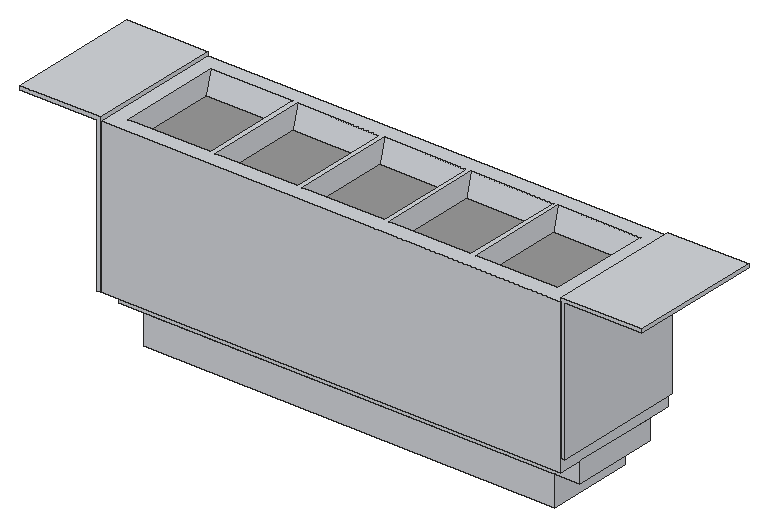
Revit family "2061124 Sylvania Lighting Fixture DOMINO 5xLED 930 BLACK NB TRIMLESS WHITE", category Lighting Fixtures, host Face, Revit 2018
Family settings
  Host = Face
  Round Connector Dimension = Use Diameter
  Part Type = Normal
  OmniClass Number = 23.80.70.00
  OmniClass Title = Lighting
  Cut with Voids When Loaded = No
  Light Source = Yes
  Shared = No
  Room Calculation Point = No
Parameters (values of type "2061124 DOMINO 5XLED 930 BLACK NB TS WHT ")
  top top width = 15.812 mm
  top top length = 123 mm
  Width = 50 mm
  Weight = "n/a"
  Wattage Comments = ""
  Wattage = 9.2903 W
  WarrantyStartDate [instance] = "n/a"
  WarrantyGuarantorParts = "n/a"
  WarrantyDurationUnit = "n/a"
  WarrantyDurationParts = ""
  WarrantyDescription = "http://www.sylvania-lighting.com"
  built-in parameter 1150110 = 1 (stored number, unit not read)
  Voltage = 0 V
  URL = "0.6"
  TypeName = "DOMINO 5xLED 930 BLACK NB TRIMLESS WHITE"
  Type Image = <None>
  Type Comments = "n/a"
  built-in parameter 1114217 = 1 (stored number, unit not read)
  Top Width = 26 mm
  Tilt Angle = 90.00°
  built-in parameter 1150109 = 1 (stored number, unit not read)
  built-in parameter 1150134 = 3
  built-in parameter 1150113 = 1 (stored number, unit not read)
  SerialNumber [instance] = "n/a"
  Recessed Width = 43 mm
  Recessed Length = 143 mm
  Photometric Web File = "2061124.ies"
  Material_3_FEILO = none
  PowerFactor = 0
  PowerConsumption = "Lighting"
  NominalLength = 41 mm
  NominalHeight = 0 mm
  NominalDepth = 0 mm
  Name = "DOMINO 5xLED 930 BLACK NB TRIMLESS WHITE"
  ModelReference = Name  # "DOMINO 5xLED 930 BLACK NB TRIMLESS WHITE"
  ModelNumber = "2061124"
  Model = Name  # "DOMINO 5xLED 930 BLACK NB TRIMLESS WHITE"
  Material = "Feilo Sylvania"
  ManufacturerName = "62 lm/W"
  Manufacturer = ""
  LuminousEfficacy = ""
  built-in parameter 1150105 = 109.82 (stored number, unit not read)
  Lumens = 1380 lm
  LuminaireType = "0"
  built-in parameter 1150115 = 1 (stored number, unit not read)
  LightOutputRatio = "LED"
  built-in parameter 1150137 = (empty or 0)
  built-in parameter 1150139 = (empty or 0)
  Lens inside recess = 25 mm
  Lens Width = 32 mm
  Lens Outside recess = 31.978 mm
  Lens = Glass, White, High Luminance
  Length = 148 mm
  LampsType = Lamp  # "n/a"
  LampNominalLuminous = "3000 K"
  LampMacAdamStep = "90"
  LampColourTemperature = "LED"
  LampColourRenderingIndex = "16500"
  built-in parameter 1150112 = 1 (stored number, unit not read)
  built-in parameter 1150114 = 1 (stored number, unit not read)
  Lamp = "n/a"
  Keynote = "n/a"
  InstallationDate [instance] = "n/a"
  InputVoltage = "0"
  InputNominalFrequency = "3000"
  built-in parameter 1150132 = (empty or 0)
  built-in parameter 1150102 = (empty or 0)
  built-in parameter 1150107 = 3200 (stored number, unit not read)
  built-in parameter 1150138 = (empty or 0)
  IngressProtection = "IfcLightFixtureType"
  ImpactProtectionIndex = "IfcLightFixtureType"
  built-in parameter 1150106 = 1.0982 (stored number, unit not read)
  IfcExportType = "IfcLightFixtureType"
  IfcExportAs = "Class II"
  Facia internal width = 37 mm
  Facia internal length = 135 mm
  Facia Height = 2 mm
  ExpectedLife = 50000
  Emit from Circle Diameter = 609.6 mm
  Emit Shape Visible in Rendering = no
  ElectricShockClassification = "62"
  built-in parameter 1150104 = 13.8 (stored number, unit not read)
  DurationUnit = "hours"
  DocumentationLiterature = "http://www.sylvania-lighting.com/product/en-int/products/2061124"
  DimmingControlOptions = "n/a"
  Material_2_FEILO = none
  Dimming Lamp Color Temperature Shift = <None>
  Description = "Modular LED recessed linear spotlight, ideal for retail and hospitality applications. Die-cast aluminium body, passive cooling. Two levels of reflector installation, low glaring UGR<16. 5x LED source, 15° beam angle , optics: PMMA lens and polycarbonate reflector combination, Black matt reflector finish. Light color temperature: 3000K warm white, total system power: 13W , total fixture lumen output: 800lm, efficacy: 62 lm/W, Ra90 typical, LED chromacity: 3 step MacAdam ellipse (SDCM3), lifespan: 96,000 hours at 90% of the original output (L90B10), IR/UV free light source without heat radiation, operating voltage: 220-240V / 50-60Hz, electronic driver, ultra low flicker, non-dimmable , electrical protection: Class II. Degree of Protection: IP40/IP20, suitable for indoor environment only. Ceiling cut-out: 42x42mm, outer dimensions:  144x41mm , trimless frame RAL 9016 - Traffic white / Bezel color.5 years Warranty."
  Default Elevation = 1219.2 mm
  CreatedOn = "11/02/2021"
  CreatedBy = "@sylvania-lighting.com"
  Cost = 0
  Color Filter = 16777215
  built-in parameter 1114216 [instance] = (empty or 0)
  ClassificationValue = "EF_70_80"
  ClassificationName = "Uniclass2015"
  Material_1_FEILO = none
  Body Width = 40 mm
  Body Length = 138 mm
  BarCode [instance] = "n/a"
  built-in parameter 1114218 = 1 (stored number, unit not read)
  built-in parameter 1150133 = 10 (stored number, unit not read)
  AssetType = "Fixed"
  AssetIdentifier [instance] = "n/a"
  Assembly Code = "D5020200"
  Apparent Load = 13 VA
  Material_4_FEILO = none
Reference planes
  plane 1 "Center (Front/Back)": y = 0
  plane 2: z = 0
  plane 3 "Center (Left/Right)": x = 0
  plane 4: z = 0
  plane 5: z = -7
  plane 6: z = -45.895
  plane 7: z = -51.895
  plane 8: z = -60.895
  plane 9: x = -71.5
  plane 10: x = 71.5
  plane 11: y = 21.5
  plane 12: y = -21.5
  plane 13: x = -74
  plane 14: x = 74
  plane 15: y = 25
  plane 16: y = -25
  plane 17: x = 67.5
  plane 18: x = -67.5
  plane 19: y = 18.5
  plane 20: y = -18.5
  plane 21: z = 2
  plane 22: x = -69
  plane 23: x = 69
  plane 24: y = 20
  plane 25: y = -20
  plane 26: y = 13
  plane 27: y = -13
  plane 28: x = 61.5
  plane 29: x = -61.5
  plane 30: x = -65.5
  plane 31: y = 16.5
  plane 32: y = -16.472
  plane 33: x = -40.5
  plane 34: x = -41
  plane 35: x = -65
  plane 36: y = 13
  plane 37: y = -12.972
  plane 38: x = -39.5
  plane 39: x = -14.48
  plane 40: x = -13.48
  plane 41: x = 11.52
  plane 42: x = 12.52
  plane 43: x = 37.52
  plane 44: x = 38.52
  plane 45: x = 64.5
  plane 46: x = -72.5
  plane 47: z = 1
  plane 48: x = -93
  plane 49: z = -42
  plane 50: x = -70
  plane 51: x = 93
  plane 52: x = 70
Forms (mm)
  Extrusion 1, solid, not visible, detail levels medium+fine
    sketch origin (4.2, 0, 0) x (1, 0, 0) y (0, 1, 0)
      loop
        line (-29.2, 34.5) -> (-29.2, -34.5) -> (20.8, -34.5) -> (20.8, 34.5) -> (-29.2, 34.5)
    from 0 to 1
  Extrusion 2, solid, not visible, detail levels medium+fine
    sketch origin (4.044, 0, 0) x (1, 0, 0) y (0, 1, 0)
      loop
        line (-29.2, 34.5) -> (-29.2, -34.5) -> (20.8, -34.5) -> (20.8, 34.5) -> (-29.2, 34.5)
    from 0 to 1
  Blend 3, solid, not visible, detail levels medium+fine
    base sketch origin (4.2, 0, 0) x (1, 0, 0) y (0, 1, 0)
      loop
        line (-29.2, 34.5) -> (-29.2, -34.5) -> (20.8, -34.5) -> (20.8, 34.5) -> (-29.2, 34.5)
    top sketch origin (4.2, 0, 0) x (1, 0, 0) y (0, 1, 0)
      loop
        line (-21.7, 28) -> (-21.7, -28) -> (13.3, -28) -> (13.3, 28) -> (-21.7, 28)
    from 1 to 3
  Extrusion 4, solid, not visible, detail levels medium+fine
    sketch origin (3.419, 0, 0) x (1, 0, 0) y (0, 1, 0)
      loop
        line (-29.2, 34.5) -> (-29.2, -34.5) -> (20.8, -34.5) -> (20.8, 34.5) -> (-29.2, 34.5)
    from 0 to 1
  Blend 5, solid, not visible, detail levels medium+fine
    base sketch origin (3.575, 0, 0) x (1, 0, 0) y (0, 1, 0)
      loop
        line (-29.2, 34.5) -> (-29.2, -34.5) -> (20.8, -34.5) -> (20.8, 34.5) -> (-29.2, 34.5)
    top sketch origin (3.575, 0, 0) x (1, 0, 0) y (0, 1, 0)
      loop
        line (-21.7, 28) -> (-21.7, -28) -> (13.3, -28) -> (13.3, 28) -> (-21.7, 28)
    from 1 to 3
  Extrusion 6, solid, not visible, detail levels medium+fine
    sketch origin (4.247, 0, 0) x (1, 0, 0) y (0, 1, 0)
      loop
        line (-29.2, 34.5) -> (-29.2, -34.5) -> (20.8, -34.5) -> (20.8, 34.5) -> (-29.2, 34.5)
    from 0 to 1
  Blend 7, solid, not visible, detail levels medium+fine
    base sketch origin (4.403, 0, 0) x (1, 0, 0) y (0, 1, 0)
      loop
        line (-29.2, 34.5) -> (-29.2, -34.5) -> (20.8, -34.5) -> (20.8, 34.5) -> (-29.2, 34.5)
    top sketch origin (4.403, 0, 0) x (1, 0, 0) y (0, 1, 0)
      loop
        line (-21.7, 28) -> (-21.7, -28) -> (13.3, -28) -> (13.3, 28) -> (-21.7, 28)
    from 1 to 3
  Extrusion 8, void, detail levels medium+fine
    sketch origin (4.2, 0, 0) x (0, 1, 0) y (1, 0, 0)
      loop
        line (21.5, -75.7) -> (21.5, 67.3) -> (-21.5, 67.3) -> (-21.5, -75.7) -> (21.5, -75.7)
    from -9.934 to 83.097
  Extrusion 9, solid, detail levels medium+fine
    sketch origin (4.2, 0, 0) x (1, 0, 0) y (0, 1, 0)
      loop
        line (-73.2, 20) -> (-73.2, -20) -> (64.8, -20) -> (64.8, 20) -> (-73.2, 20)
    from 0 to -45.895
  Extrusion 10, solid, detail levels medium+fine
    sketch origin (4.2, 0, 0) x (1, 0, 0) y (0, 1, 0)
      loop
        line (-73.2, 13) -> (-73.2, -13) -> (64.8, -13) -> (64.8, 13) -> (-73.2, 13)
    from -51.895 to -45.895
  Extrusion 11, solid, material "Glass, White, High Luminance" <- "Lens", detail levels fine
    sketch origin (11.874, 1219.733, 36.156) x (1, 0, 0) y (0, 1, 0)
      loop
        line (-75.883, -1206.7) -> (-75.883, -1232.733) -> (-51.887, -1232.733) -> (-51.887, -1206.7) -> (-75.883, -1206.7)
    from -43.156 to -42.182
  Extrusion 12, solid, detail levels fine
    sketch origin (0, 0, 0) x (1, 0, 0) y (0, 0, 1)
      loop
        line (-61.5, -51.895) -> (-61.5, -60.895) -> (61.5, -60.895) -> (61.5, -51.895) -> (-61.5, -51.895)
    from -13 to 13
  Blend 13, void
    base sketch origin (5.187, 0, 0) x (0, 1, 0) y (-1, 0, 0)
      loop
        line (16.5, 69.7) -> (-16.472, 69.7) -> (-16.472, 44.7) -> (16.5, 44.7) -> (16.5, 69.7)
    top sketch origin (5.187, 0, 0) x (0, 1, 0) y (-1, 0, 0)
      loop
        line (13, 69.2) -> (-12.972, 69.2) -> (-12.972, 45.2) -> (13, 45.2) -> (13, 69.2)
    from 3 to -7
  Blend 14, void
    base sketch origin (31.202, 0, 0) x (0, 1, 0) y (-1, 0, 0)
      loop
        line (16.5, 69.7) -> (-16.472, 69.7) -> (-16.472, 44.7) -> (16.5, 44.7) -> (16.5, 69.7)
    top sketch origin (31.202, 0, 0) x (0, 1, 0) y (-1, 0, 0)
      loop
        line (13, 69.2) -> (-12.972, 69.2) -> (-12.972, 45.2) -> (13, 45.2) -> (13, 69.2)
    from 3 to -7
  Blend 15, void
    base sketch origin (57.213, -0.017, 0) x (0, 1, 0) y (-1, 0, 0)
      loop
        line (16.5, 69.7) -> (-16.472, 69.7) -> (-16.472, 44.7) -> (16.5, 44.7) -> (16.5, 69.7)
    top sketch origin (57.213, -0.017, 0) x (0, 1, 0) y (-1, 0, 0)
      loop
        line (13, 69.2) -> (-12.972, 69.2) -> (-12.972, 45.2) -> (13, 45.2) -> (13, 69.2)
    from 3 to -7
  Blend 16, void
    base sketch origin (83.222, 0, 0) x (0, 1, 0) y (-1, 0, 0)
      loop
        line (16.5, 69.7) -> (-16.472, 69.7) -> (-16.472, 44.7) -> (16.5, 44.7) -> (16.5, 69.7)
    top sketch origin (83.222, 0, 0) x (0, 1, 0) y (-1, 0, 0)
      loop
        line (13, 69.2) -> (-12.972, 69.2) -> (-12.972, 45.2) -> (13, 45.2) -> (13, 69.2)
    from 3 to -7
  Blend 17, void
    base sketch origin (109.202, 0, 0) x (0, 1, 0) y (-1, 0, 0)
      loop
        line (16.5, 69.7) -> (-16.472, 69.7) -> (-16.472, 44.7) -> (16.5, 44.7) -> (16.5, 69.7)
    top sketch origin (109.202, 0, 0) x (0, 1, 0) y (-1, 0, 0)
      loop
        line (13, 69.2) -> (-12.972, 69.2) -> (-12.972, 45.2) -> (13, 45.2) -> (13, 69.2)
    from 3 to -7
  Extrusion 18, solid, material "Glass, White, High Luminance" <- "Lens", detail levels fine
    sketch origin (37.889, 1219.733, 36.156) x (1, 0, 0) y (0, 1, 0)
      loop
        line (-75.883, -1206.7) -> (-75.883, -1232.733) -> (-51.887, -1232.733) -> (-51.887, -1206.7) -> (-75.883, -1206.7)
    from -43.156 to -42.182
  Extrusion 19, solid, material "Glass, White, High Luminance" <- "Lens", detail levels fine
    sketch origin (63.896, 1219.733, 36.156) x (1, 0, 0) y (0, 1, 0)
      loop
        line (-75.883, -1206.7) -> (-75.883, -1232.733) -> (-51.887, -1232.733) -> (-51.887, -1206.7) -> (-75.883, -1206.7)
    from -43.156 to -42.182
  Extrusion 20, solid, material "Glass, White, High Luminance" <- "Lens", detail levels fine
    sketch origin (89.905, 1219.733, 36.156) x (1, 0, 0) y (0, 1, 0)
      loop
        line (-75.883, -1206.7) -> (-75.883, -1232.733) -> (-51.887, -1232.733) -> (-51.887, -1206.7) -> (-75.883, -1206.7)
    from -43.156 to -42.182
  Extrusion 21, solid, material "Glass, White, High Luminance" <- "Lens", detail levels fine
    sketch origin (115.886, 1219.733, 36.156) x (1, 0, 0) y (0, 1, 0)
      loop
        line (-75.883, -1206.7) -> (-75.883, -1232.733) -> (-51.887, -1232.733) -> (-51.887, -1206.7) -> (-75.883, -1206.7)
    from -43.156 to -42.182
  Extrusion 22, solid, detail levels coarse
    sketch origin (4.2, 0, 0) x (1, 0, 0) y (0, 1, 0)
      loop
        line (-97.2, 20) -> (-97.2, -20) -> (88.8, -20) -> (88.8, 20) -> (-97.2, 20)
    from 3 to -60.895
  Extrusion 23, solid, detail levels medium+fine
    sketch origin (0, 0, 0) x (1, 0, 0) y (0, 0, 1)
      loop
        line (-69, -45.895) -> (-69, 1) -> (-93, 1) -> (-93, 0) -> (-70, 0) -> (-70, -45.895) -> (-69, -45.895)
    from -20 to 20
  Extrusion 24, solid, detail levels medium+fine
    sketch origin (0, 0, 0) x (1, 0, 0) y (0, 0, 1)
      loop
        line (93, 1) -> (69, 1) -> (69, -42) -> (70, -42) -> (70, 0) -> (93, 0) -> (93, 1)
    from -20 to 20
Cuts and joins
  Blend 13, Blend 14, Blend 15, Blend 16, Blend 17 cuts Extrusion 9
Dimensions and locks
  "Recessed Length": plane 9 to plane 10
  equal spacing: plane 9, plane 3 "Center (Left/Right)", plane 10
  "Length": plane 13 to plane 14
  equal spacing: plane 13, plane 3 "Center (Left/Right)", plane 14
  "Recessed Width": plane 11 to plane 12
  equal spacing: plane 11, plane 1 "Center (Front/Back)", plane 12
  "Width": plane 15 to plane 16
  equal spacing: plane 15, plane 1 "Center (Front/Back)", plane 16
  "Facia internal length": plane 18 to plane 17
  equal spacing: plane 18, plane 3 "Center (Left/Right)", plane 17
  "Facia internal width": plane 19 to plane 20
  equal spacing: plane 19, plane 1 "Center (Front/Back)", plane 20
  "Facia Height": plane 21 to host face
  "Body Length": plane 22 to plane 23
  equal spacing: plane 22, plane 3 "Center (Left/Right)", plane 23
  "Body Width": plane 24 to plane 25
  equal spacing: plane 24, plane 1 "Center (Front/Back)", plane 25
  "Top Width": plane 26 to plane 27
  equal spacing: plane 26, plane 1 "Center (Front/Back)", plane 27
  "top top length": plane 29 to plane 28
  equal spacing: plane 29, plane 3 "Center (Left/Right)", plane 28  (x2)
  plane 28 to plane 29 = 123 mm
  equal spacing: plane 28, plane 3 "Center (Left/Right)", plane 29
  aligned and locked: plane 2 to host face
  aligned and locked: level to host face
  aligned and locked: Extrusion 10 to plane 7
  aligned and locked: Extrusion 9 to plane 6
  aligned and locked: Extrusion 11 to plane 5
Automatic sketch dimensions
  Extrusion 1 sketch curve to Extrusion 1 sketch curve = 50 mm
  Extrusion 1 sketch curve to Extrusion 1 sketch curve = 69 mm
  Extrusion 2 sketch curve to Extrusion 2 sketch curve = 50 mm
  Extrusion 2 sketch curve to Extrusion 2 sketch curve = 69 mm
  Blend 3 sketch curve to Blend 3 sketch curve = 50 mm
  Blend 3 sketch curve to Blend 3 sketch curve = 69 mm
  Blend 3 sketch curve to Blend 3 sketch curve = 35 mm
  Blend 3 sketch curve to Blend 3 sketch curve = 56 mm
  Extrusion 4 sketch curve to Extrusion 4 sketch curve = 50 mm
  Extrusion 4 sketch curve to Extrusion 4 sketch curve = 69 mm
  Blend 5 sketch curve to Blend 5 sketch curve = 50 mm
  Blend 5 sketch curve to Blend 5 sketch curve = 69 mm
  Blend 5 sketch curve to Blend 5 sketch curve = 35 mm
  Blend 5 sketch curve to Blend 5 sketch curve = 56 mm
  Extrusion 6 sketch curve to Extrusion 6 sketch curve = 50 mm
  Extrusion 6 sketch curve to Extrusion 6 sketch curve = 69 mm
  Blend 7 sketch curve to Blend 7 sketch curve = 50 mm
  Blend 7 sketch curve to Blend 7 sketch curve = 69 mm
  Blend 7 sketch curve to Blend 7 sketch curve = 35 mm
  Blend 7 sketch curve to Blend 7 sketch curve = 56 mm
  host sketch curve to host sketch curve = 2438.4 mm  (x2)
  Extrusion 8 sketch curve to plane 9 = 0 mm
  Extrusion 8 sketch curve to plane 12 = 0 mm
  Extrusion 8 sketch curve to plane 11 = 0 mm
  Extrusion 8 sketch curve to plane 10 = 0 mm
  Extrusion 9 sketch curve to plane 22 = 0 mm
  Extrusion 9 sketch curve to plane 23 = 0 mm
  Extrusion 9 sketch curve to plane 25 = 0 mm
  Extrusion 9 sketch curve to plane 24 = 0 mm
  Extrusion 10 sketch curve to plane 22 = 0 mm
  Extrusion 10 sketch curve to plane 23 = 0 mm
  Extrusion 10 sketch curve to plane 27 = 0 mm
  Extrusion 10 sketch curve to plane 26 = 0 mm
  Extrusion 11 sketch curve to plane 27 = 0 mm
  plane 35 to Extrusion 11 sketch curve = 0.991 mm
  plane 26 to Extrusion 11 sketch curve = 0.033 mm
  plane 33 to Extrusion 11 sketch curve = 0.487 mm
  Extrusion 12 sketch curve to plane 8 = 0 mm
  Extrusion 12 sketch curve to plane 29 = 0 mm
  Extrusion 12 sketch curve to plane 28 = 0 mm
  Extrusion 12 sketch curve to plane 7 = 0 mm
  Blend 13 sketch curve to plane 32 = 0 mm
  Blend 13 sketch curve to plane 31 = 0 mm
  Blend 13 sketch curve to plane 38 = 0.013 mm
  plane 35 to Blend 13 sketch curve = 0.487 mm
  Blend 13 sketch curve to plane 37 = 0 mm
  Blend 13 sketch curve to plane 26 = 0 mm
  plane 33 to Blend 13 sketch curve = 0.487 mm
  plane 35 to Blend 13 sketch curve = 0.987 mm
  Blend 14 sketch curve to plane 32 = 0 mm
  Blend 14 sketch curve to plane 31 = 0 mm
  Blend 14 sketch curve to plane 40 = 0.018 mm
  plane 38 to Blend 14 sketch curve = 1.002 mm
  Blend 14 sketch curve to plane 37 = 0 mm
  Blend 14 sketch curve to plane 26 = 0 mm
  plane 39 to Blend 14 sketch curve = 0.482 mm
  plane 38 to Blend 14 sketch curve = 1.502 mm
  Blend 15 sketch curve to plane 32 = 0.017 mm
  Blend 15 sketch curve to plane 31 = 0.017 mm
  Blend 15 sketch curve to plane 42 = 0.007 mm
  plane 40 to Blend 15 sketch curve = 0.993 mm
  plane 27 to Blend 15 sketch curve = 0.011 mm
  Blend 15 sketch curve to plane 26 = 0.017 mm
  plane 41 to Blend 15 sketch curve = 0.493 mm
  plane 40 to Blend 15 sketch curve = 1.493 mm
  plane 32 to Blend 16 sketch curve = 0 mm
  plane 31 to Blend 16 sketch curve = 0 mm
  plane 44 to Blend 16 sketch curve = 0.002 mm
  plane 42 to Blend 16 sketch curve = 1.002 mm
  plane 37 to Blend 16 sketch curve = 0 mm
  plane 26 to Blend 16 sketch curve = 0 mm
  Blend 16 sketch curve to plane 44 = 0.498 mm
  plane 42 to Blend 16 sketch curve = 1.502 mm
  Blend 17 sketch curve to plane 32 = 0 mm
  Blend 17 sketch curve to plane 31 = 0 mm
  plane 45 to Blend 17 sketch curve = 0.002 mm
  plane 44 to Blend 17 sketch curve = 0.982 mm
  Blend 17 sketch curve to plane 37 = 0 mm
  Blend 17 sketch curve to plane 26 = 0 mm
  Blend 17 sketch curve to plane 45 = 0.498 mm
  plane 44 to Blend 17 sketch curve = 1.482 mm
  Extrusion 18 sketch curve to plane 27 = 0 mm
  plane 38 to Extrusion 18 sketch curve = 1.506 mm
  plane 26 to Extrusion 18 sketch curve = 0.033 mm
  plane 39 to Extrusion 18 sketch curve = 0.482 mm
  Extrusion 19 sketch curve to plane 27 = 0 mm
  plane 40 to Extrusion 19 sketch curve = 1.493 mm
  plane 26 to Extrusion 19 sketch curve = 0.033 mm
  plane 41 to Extrusion 19 sketch curve = 0.49 mm
  Extrusion 20 sketch curve to plane 27 = 0 mm
  plane 42 to Extrusion 20 sketch curve = 1.502 mm
  plane 26 to Extrusion 20 sketch curve = 0.033 mm
  plane 43 to Extrusion 20 sketch curve = 0.498 mm
  Extrusion 21 sketch curve to plane 27 = 0 mm
  plane 44 to Extrusion 21 sketch curve = 1.482 mm
  plane 26 to Extrusion 21 sketch curve = 0.033 mm
  Extrusion 21 sketch curve to plane 45 = 0.501 mm
  Extrusion 22 sketch curve to plane 13 = 19 mm
  plane 14 to Extrusion 22 sketch curve = 19 mm
  plane 16 to Extrusion 22 sketch curve = 5 mm
  Extrusion 22 sketch curve to plane 15 = 5 mm
  Extrusion 23 sketch curve to level = 0 mm
  Extrusion 23 sketch curve to plane 48 = 0 mm
  Extrusion 23 sketch curve to plane 50 = 0 mm
  Extrusion 23 sketch curve to plane 6 = 0 mm
  Extrusion 23 sketch curve to plane 22 = 0 mm
  Extrusion 23 sketch curve to plane 47 = 0 mm
  Extrusion 24 sketch curve to plane 23 = 0 mm
  Extrusion 24 sketch curve to plane 49 = 0 mm
  Extrusion 24 sketch curve to plane 52 = 0 mm
  Extrusion 24 sketch curve to plane 47 = 0 mm
  Extrusion 24 sketch curve to plane 51 = 0 mm
  Extrusion 24 sketch curve to level = 0 mm
Connectors
  electrical at (0, 0, -60.895)
    settings: on Extrusion 12, index 1, voltage 0 V, apparent load 0 VA, apparent load phase1 0 VA, apparent load phase2 0 VA, apparent load phase3 0 VA, power factor 1, load classification "Other", number of poles 1, system type 31, power factor state 1, is connector primary yes, connector utility no, sub classification motor no, connector description ""
